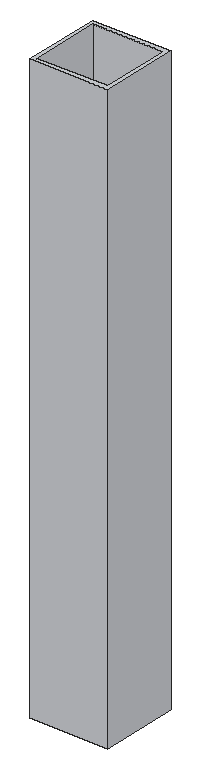
Revit family "中间立柱", category 栏杆, Revit 2026
Family settings
  总是垂直 = 是
  载入时剪切的空心 = 否
  共享 = 否
Parameters
  高度 = 100 mm
  built-in parameter 1008623 [instance] = (empty or 0)
  宽度 = 100 mm
  built-in parameter 1008625 [instance] = (empty or 0)
  Post = no
  built-in parameter 1008624 [instance] = (empty or 0)
  built-in parameter 1008622 [instance] = 750 mm
  厚度 = 5 mm
Reference planes
  plane 1 "中心(前/后)": y = 0
  plane 2: z = 0
  plane 3 "中心(左/右)": x = 0
  plane 4 "顶部": z = 750
  plane 5 "支柱顶部": z = 900
Forms (mm)
  Extrusion 1, solid
    sketch origin (0, 0, 0) x (1, 0, 0) y (0, 1, 0)
      loop
        line (-50, 50) -> (-50, -50) -> (50, -50) -> (50, 50) -> (-50, 50)
      loop
        line (-45, 45) -> (-45, -45) -> (45, -45) -> (45, 45) -> (-45, 45)
    from 0 to 750
Text (mm)
  text "栏杆支柱立面" at (0, 664.106, 1146.454), in view "左"
Dimensions and locks
  "built-in parameter 1008622": plane 2 to plane 4 "顶部"
  equal spacing: Extrusion 1, plane 3 "中心(左/右)", Extrusion 1
  equal spacing: Extrusion 1, plane 1 "中心(前/后)", Extrusion 1
  "宽度": Extrusion 1 to Extrusion 1
  "高度": Extrusion 1 to Extrusion 1
  "厚度": Extrusion 1 to Extrusion 1  (x4)
  aligned and locked: plane 2 to level
  aligned and locked: Extrusion 1 to plane 4 "顶部"
  aligned and locked: Extrusion 1 to level
Automatic sketch dimensions
  Extrusion 1 sketch curve to plane 3 "中心(左/右)" = 50 mm
  Extrusion 1 sketch curve to Extrusion 1 sketch curve = 5 mm  (x4)
  plane 3 "中心(左/右)" to Extrusion 1 sketch curve = 45 mm
  plane 1 "中心(前/后)" to Extrusion 1 sketch curve = 50 mm
  Extrusion 1 sketch curve to plane 1 "中心(前/后)" = 45 mm
